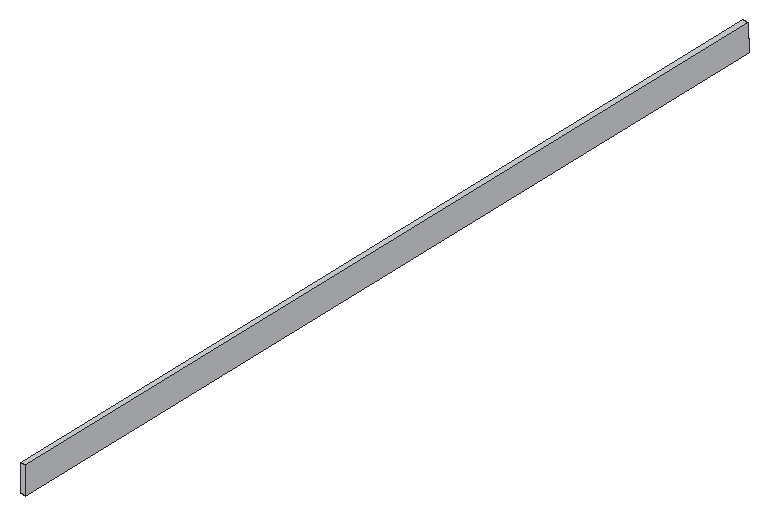
Revit family "Brace", category Generic Models, Revit 2019
Family settings
  Can host rebar = No
  Round Connector Dimension = Use Diameter
  Part Type = Normal
  Work Plane-Based = No
  Always vertical = Yes
  Cut with Voids When Loaded = No
  Shared = No
  Room Calculation Point = No
Reference planes
  plane 1 "Center (Front/Back)": y = 0
  plane 2: z = 0
  plane 3 "Center (Left/Right)": x = 0
  plane 4: x = -5000
Forms (mm)
  Extrusion 1, solid
    sketch origin (-2505, 2495, 0) x (-1, 0, 0) y (0, 0, 1)
      loop
        line (-2475, 0) -> (-2475, 150) -> (-2505, 150) -> (-2505, 0) -> (-2475, 0)
    from 0 to -5000
Dimensions and locks
  plane 2 to Extrusion 1 = 150 mm
  aligned and locked: level to plane 2
